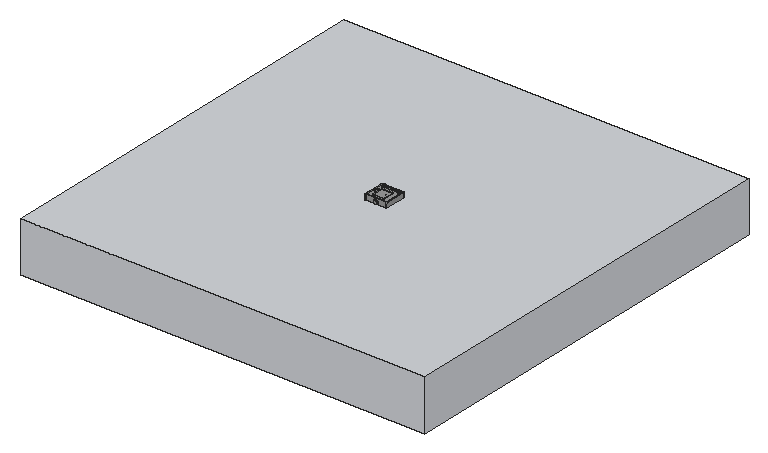
Revit family "Hekatron_Rauchwarnmelder_FH.Genius _DE_22.01", category Brandmelder, Revit 2018
Family settings
  Basisbauteil = Fläche
  Beschriftungsausrichtung beibehalten = Ja
  Bemaßung runder Anschluss = Durchmesser verwenden
  Teiletyp = Normal
  OmniClass-Nummer = 23.85.30.21
  OmniClass-Titel = Environmental Detection/Registration
  Beim Laden mit Abzugskörper schneiden = Nein
  Gemeinsam genutzt = Nein
  Raumberechnungspunkt = Nein
Parameters (values of type "FH.Genius")
  Zulässige Umgebungstemperatur = "0 °C bis + 55 °C"
  Zulässige Luftgeschwindigkeit = ""
  Zulassungen nach EN 54 = ""
  Width [instance] = 130 mm
  Version des BIM Objektes = "22.01"
  VdS-Anerkennung = ""
  URL = "https://www.hekatron-brandschutz.de"
  UB A&S Artikel Nummer = "31-5000013-01-03"
  Typenkommentare = "Funkhandtaster für Funksystem Genius"
  Tiefe (mm) = "32.0"
  Stromaufnahme = ""
  Schutzart = "IP 41"
  Rauchteil einstellbar = ""
  Nettogewicht (g) = "201.0"
  Montageart = "Aufputz"
  Model = "FH.Genius "
  Material = "PC-ABS"
  Link zum Datenblatt = "https://www.hekatron-planungstools.de/Doku/Montageanleitung%20Funkhandtaster%20Genius_6642536.pdf"
  Link zu ausschreiben.de = "https://www.ausschreiben.de/katalog/Hekatron/position/220"
  Link zu Produktinformation = ""
  Link zu Ausschreibungstext = "https://www.meinhplus.de/login"
  Leistungserklärung (DoP) = ""
  Lautstärke DIN-Ton (dB) = "50.0"
  Kabeleinführung = "oben, unten"
  Höhe (mm) = "130.0"
  Hersteller = "Hekatron"
  Heigth [instance] = 130 mm
  Funktionsprinzip = "Funk"
  Farbe = "blau, ähnlich RAL 5005"
  Ex-Zonen = ""
  Einstellung Temperaturklasse nach EN 54-5 = ""
  Einstellung Temperaturindex nach EN 54-5 = ""
  Einstellung Rauchempfindlichkeit nach EN 54-20 = ""
  Einstellen Rauchempfindlichkeit nach EN 54-7 = ""
  EG-Konformitätszertifikat / Zertifikat der Leistungsbeständigkeit = ""
  Durchmesser (mm) = ""
  Depth [instance] = 31 mm
  Vorgabe-Ansicht = 1200 mm
  Breite (mm) = "130.0"
  Betriebsspannung = "10 bis 30 V DC"
  Beschreibung = "Hausalarm und Funkinterface in einem Gerät. Ergänzung eines Genius Funknetzwerks zur flächendeckenden Alarmierung im Ereignisfall. Bestehende Genius-Funksysteme können erweitert werden."
  Bauartgenehmigungen = ""
  Anzahl Ansaugleitungen = ""
  Ansprechtemperatur = ""
  Alarm- & Empfindlichkeitsbereich = ""
Types (2, lengths in mm): name | URL | Typenkommentare | Beschreibung
  (no name) | "www.hekatron-brandschutz.de" | 0 | 0
  FH.Genius | "https://www.hekatron-brandschutz.de" | "Funkhandtaster für Funksystem Genius" | "Hausalarm und Funkinterface in einem Gerät. Ergänzung eines Genius Funknetzwerks zur flächendeckenden Alarmierung im Ereignisfall. Bestehende Genius-Funksysteme können erweitert werden."
Values of the unnamed type that differ from the named types
  Zulässige Umgebungstemperatur = ""
  Version des BIM Objektes = ""
  UB A&S Artikel Nummer = ""
  Tiefe (mm) = ""
  Schutzart = ""
  Nettogewicht (g) = ""
  Montageart = ""
  Model = "FH.Genius"
  Material = ""
  Link zum Datenblatt = ""
  Link zu ausschreiben.de = ""
  Link zu Ausschreibungstext = ""
  Lautstärke DIN-Ton (dB) = ""
  Kabeleinführung = ""
  Höhe (mm) = ""
  Funktionsprinzip = ""
  Farbe = ""
  Breite (mm) = ""
  Betriebsspannung = ""
Reference planes
  plane 1 "Center (Front/Back)": y = 0
  plane 2: z = 0
  plane 3 "Center (Left/Right)": x = 0
Forms (mm)
  Extrusion 1, solid
    sketch origin (0, 0, 0) x (1, 0, 0) y (0, 1, 0)
      loop
        line (-1219.2, 1219.2) -> (-1219.2, -1219.2) -> (1219.2, -1219.2) -> (1219.2, 1219.2) -> (-1219.2, 1219.2)
    from 0 to -304.8
  Extrusion 2, solid, material "PC/ABS Plastic, RAL 5005"
    sketch origin (0, 0, 0) x (1, 0, 0) y (0, 1, 0)
      loop
        line (62, 65) -> (-62, 65)
        arc (-62, 65) -> (-64.121, 64.121) -> (-65, 62) r 3
        line (-65, 62) -> (-65, -62)
        arc (-65, -62) -> (-64.121, -64.121) -> (-62, -65) r 3
        line (-62, -65) -> (62, -65)
        arc (62, -65) -> (64.121, -64.121) -> (65, -62) r 3
        line (65, -62) -> (65, 62)
        arc (65, 62) -> (64.121, 64.121) -> (62, 65) r 3
      loop
        line (58.5, 62) -> (-58.5, 62)
        arc (-58.5, 62) -> (-60.975, 60.975) -> (-62, 58.5) r 3.5
        line (-62, 58.5) -> (-62, -58.5)
        arc (-62, -58.5) -> (-60.975, -60.975) -> (-58.5, -62) r 3.5
        line (-58.5, -62) -> (58.5, -62)
        arc (58.5, -62) -> (60.975, -60.975) -> (62, -58.5) r 3.5
        line (62, -58.5) -> (62, 58.5)
        arc (62, 58.5) -> (60.975, 60.975) -> (58.5, 62) r 3.5
    from 0 to 31
  Extrusion 3, solid, material "PC/ABS Plastic, RAL 5005"
    sketch origin (0, 0, 0) x (1, 0, 0) y (0, 1, 0)
      loop
        line (65, -61.8) -> (65, 61.8) -> (-58.5, 61.8)
        arc (-58.5, 61.8) -> (-60.833, 60.833) -> (-61.8, 58.5) r 3.3
        line (-61.8, 58.5) -> (-61.8, -58.5)
        arc (-61.8, -58.5) -> (-60.833, -60.833) -> (-58.5, -61.8) r 3.3
        line (-58.5, -61.8) -> (65, -61.8)
      loop
        line (33, 24.012) -> (-33, 24.012)
        arc (-33, 24.012) -> (-34.414, 23.426) -> (-35, 22.012) r 2
        line (-35, 22.012) -> (-35, -44.988)
        arc (-35, -44.988) -> (-34.414, -46.403) -> (-33, -46.988) r 2
        line (-33, -46.988) -> (33, -46.988)
        arc (33, -46.988) -> (34.414, -46.403) -> (35, -44.988) r 2
        line (35, -44.988) -> (35, 22.012)
        arc (35, 22.012) -> (34.414, 23.426) -> (33, 24.012) r 2
    from 27 to 31
  Extrusion 4, solid, material "PVC"
    sketch origin (0, 0, 0) x (1, 0, 0) y (0, 1, 0)
      loop
        line (-62, 58.5) -> (-62, -58.5)
        arc (-62, -58.5) -> (-60.975, -60.975) -> (-58.5, -62) r 3.5
        line (-58.5, -62) -> (58.5, -62)
        arc (58.5, -62) -> (60.975, -60.975) -> (62, -58.5) r 3.5
        line (62, -58.5) -> (62, 58.5)
        arc (62, 58.5) -> (60.975, 60.975) -> (58.5, 62) r 3.5
        line (58.5, 62) -> (-58.5, 62)
        arc (-58.5, 62) -> (-60.975, 60.975) -> (-62, 58.5) r 3.5
      loop
        circle (0, -10.366) r 7.542
    from 12 to 25
  Extrusion 5, solid, material "Stainless Steel, Polished"
    sketch origin (0, 0, 0) x (1, 0, 0) y (0, 1, 0)
      loop
        circle (-48.262, 0) r 9.502
    from 31.5 to 33
  Extrusion 6, solid, material "Polycarbonate, Clear"
    sketch origin (0, 0, 0) x (1, 0, 0) y (0, 1, 0)
      loop
        line (-35, 22.012) -> (-35, -44.988)
        arc (-35, -44.988) -> (-34.414, -46.403) -> (-33, -46.988) r 2
        line (-33, -46.988) -> (33, -46.988)
        arc (33, -46.988) -> (34.414, -46.403) -> (35, -44.988) r 2
        line (35, -44.988) -> (35, 22.012)
        arc (35, 22.012) -> (34.414, 23.426) -> (33, 24.012) r 2
        line (33, 24.012) -> (-33, 24.012)
        arc (-33, 24.012) -> (-34.414, 23.426) -> (-35, 22.012) r 2
    from 29 to 30
  Extrusion 7, void
    sketch origin (0, 0, 0) x (1, 0, 0) y (0, 1, 0)
      loop
        line (58.5, 62) -> (58.5, -62) -> (65, -62) -> (65, 62) -> (58.5, 62)
    from 27 to 32.288
  Sweep 8, void
    path in 3D
      loop
        line (65, -61.8, 31) -> (65, 61.8, 31)
    profile origin (65, 0, 31) x (-1, 0, 0) y (0, 0, 1)
      loop
        line (0, 0) -> (0, -2)
        arc (0, -2) -> (0.586, -0.586) -> (2, 0) r 2
        line (2, 0) -> (0, 0)
  Sweep 9, void
    path in 3D
      loop
        line (65, -61.8, 27) -> (65, 61.8, 27)
    profile origin (65, 0, 27) x (1, 0, 0) y (0, 0, -1)
      loop
        line (0, 0) -> (-2, 0)
        arc (-2, 0) -> (-0.586, -0.586) -> (0, -2) r 2
        line (0, -2) -> (0, 0)
  Extrusion 10, void
    sketch origin (0, 3.594, 0) x (1, 0, 0) y (0, 1, 0)
      loop
        line (0, 53.108) -> (-48, 53.108)
        arc (-48, 53.108) -> (-50.121, 52.23) -> (-51, 50.108) r 3
        line (-51, 50.108) -> (-51, 40.608)
        arc (-51, 40.608) -> (-50.121, 38.487) -> (-48, 37.608) r 3
        line (-48, 37.608) -> (0, 37.608) -> (48, 37.608)
        arc (48, 37.608) -> (50.121, 38.487) -> (51, 40.608) r 3
        line (51, 40.608) -> (51, 50.108)
        arc (51, 50.108) -> (50.121, 52.23) -> (48, 53.108) r 3
        line (48, 53.108) -> (0, 53.108)
    from 30.5 to 35.903
  Extrusion 11, solid, material "PVC"
    sketch origin (0, 3.594, 0) x (1, 0, 0) y (0, 1, 0)
      loop
        line (48, 53.108) -> (-48, 53.108)
        arc (-48, 53.108) -> (-50.121, 52.23) -> (-51, 50.108) r 3
        line (-51, 50.108) -> (-51, 40.608)
        arc (-51, 40.608) -> (-50.121, 38.487) -> (-48, 37.608) r 3
        line (-48, 37.608) -> (48, 37.608)
        arc (48, 37.608) -> (50.121, 38.487) -> (51, 40.608) r 3
        line (51, 40.608) -> (51, 50.108)
        arc (51, 50.108) -> (50.121, 52.23) -> (48, 53.108) r 3
    from 30.5 to 30.8
  Extrusion 12, solid, material "PC/ABS Plastic, RAL 5005"
    sketch origin (0, 0, 0) x (1, 0, 0) y (0, 1, 0)
      loop
        circle (-48.262, 0) r 10.002
    from 31 to 31.5
  Extrusion 13, void
    sketch origin (0, 0, 0) x (1, 0, 0) y (0, 1, 0)
      loop
        circle (-48.262, 7.254) r 2
    from 32.5 to 35.807
  Extrusion 14, solid, material "ABS Plastic, RAL 3001"
    sketch origin (0, 1.709, 0) x (1, 0, 0) y (0, 1, 0)
      loop
        circle (0, -12.075) r 7.542
    from 15 to 25
  Extrusion 15, solid, material "ABS Plastic"
    sketch origin (0, 1.709, 0) x (1, 0, 0) y (0, 1, 0)
      loop
        circle (0, -12.075) r 6.542
    from 12 to 15
  Extrusion 16, solid, material "PC/ABS Plastic, RAL 5005"
    sketch origin (0, 0, 0) x (1, 0, 0) y (0, 0, 1)
      loop
        circle (0, 12.5) r 12
    from -67 to -65
  Extrusion 17, solid, material "PC/ABS Plastic, RAL 5005"
    sketch origin (0, 0, 0) x (1, 0, 0) y (0, 0, 1)
      loop
        circle (0, 12.5) r 10
    from -69 to -67
  Extrusion 18, solid, material "PC/ABS Plastic, RAL 5005"
    sketch origin (0, 0, 0) x (1, 0, 0) y (0, 0, -1)
      loop
        circle (0, -12.5) r 12
    from -67 to -65
  Extrusion 19, solid, material "PC/ABS Plastic, RAL 5005"
    sketch origin (0, 0, 0) x (1, 0, 0) y (0, 0, -1)
      loop
        circle (0, -12.5) r 10
    from -69 to -67
  Extrusion 20, solid, material "ABS Plastic, RAL 3001"
    sketch origin (0, 0, 0) x (1, 0, 0) y (0, 1, 0)
      loop
        arc (16, -10.366) -> (14.782, -4.243) -> (11.314, 0.948) r 16
        line (11.314, 0.948) -> (7.778, -2.588)
        arc (7.778, -2.588) -> (10.163, -6.156) -> (11, -10.366) r 11
        arc (11, -10.366) -> (10.163, -14.575) -> (7.778, -18.144) r 11
        line (7.778, -18.144) -> (11.314, -21.679)
        arc (11.314, -21.679) -> (14.782, -16.489) -> (16, -10.366) r 16
      loop
        arc (-16, -10.366) -> (-14.782, -16.489) -> (-11.314, -21.679) r 16
        line (-11.314, -21.679) -> (-7.778, -18.144)
        arc (-7.778, -18.144) -> (-10.163, -14.575) -> (-11, -10.366) r 11
        arc (-11, -10.366) -> (-10.163, -6.156) -> (-7.778, -2.588) r 11
        line (-7.778, -2.588) -> (-11.314, 0.948)
        arc (-11.314, 0.948) -> (-14.782, -4.243) -> (-16, -10.366) r 16
    from 25 to 25.5
Cuts and joins
  Extrusion 7 cuts Extrusion 2
  joined: Extrusion 2, Extrusion 16, Extrusion 17, Extrusion 18, Extrusion 19
  Sweep 8, Sweep 9, Extrusion 10 cuts Extrusion 3
  joined: Extrusion 3, Extrusion 12
  Extrusion 13 cuts Extrusion 5
Lines and regions (mm)
  sketch lines
    curve 1: line (65, -61.8, 31) -> (65, 61.8, 31)
    curve 2: line (65, -61.8, 27) -> (65, 61.8, 27)
Dimensions and locks
  "Width": cut or joined group of Extrusion 2, Extrusion 7, Extrusion 16, Extrusion 17, Extrusion 18, Extrusion 19 to cut or joined group of Extrusion 2, Extrusion 7, Extrusion 16, Extrusion 17, Extrusion 18, Extrusion 19
  "Heigth": cut or joined group of Extrusion 2, Extrusion 7, Extrusion 16, Extrusion 17, Extrusion 18, Extrusion 19 to cut or joined group of Extrusion 2, Extrusion 7, Extrusion 16, Extrusion 17, Extrusion 18, Extrusion 19
  "Depth": cut or joined group of Extrusion 2, Extrusion 7, Extrusion 16, Extrusion 17, Extrusion 18, Extrusion 19 to Extrusion 1
  aligned and locked: plane 2 to Extrusion 1
  aligned and locked: level to Extrusion 1
Automatic sketch dimensions
  Extrusion 1 sketch curve to Extrusion 1 sketch curve = 2438.4 mm  (x2)
  Extrusion 2 sketch curve to plane 3 "Center (Left/Right)" = 65 mm
  Extrusion 2 sketch curve to Extrusion 2 sketch curve = 3 mm  (x3)
  Extrusion 2 sketch curve to Extrusion 2 sketch curve = 0 mm  (x3)
  Extrusion 2 sketch curve to Extrusion 2 sketch curve = 3.5 mm  (x5)
  plane 3 "Center (Left/Right)" to Extrusion 2 sketch curve = 58.5 mm  (x2)
  plane 1 "Center (Front/Back)" to Extrusion 2 sketch curve = 65 mm
  Extrusion 2 sketch curve to plane 1 "Center (Front/Back)" = 58.5 mm
  Extrusion 3 sketch curve to plane 3 "Center (Left/Right)" = 61.8 mm
  Extrusion 3 sketch curve to Extrusion 3 sketch curve = 3.3 mm  (x2)
  Extrusion 3 sketch curve to plane 3 "Center (Left/Right)" = 35 mm
  Extrusion 3 sketch curve to Extrusion 3 sketch curve = 2 mm  (x3)
  plane 3 "Center (Left/Right)" to Extrusion 3 sketch curve = 33 mm  (x2)
  Extrusion 3 sketch curve to Extrusion 3 sketch curve = 32 mm
  plane 1 "Center (Front/Back)" to Extrusion 3 sketch curve = 61.8 mm
  Extrusion 3 sketch curve to Extrusion 3 sketch curve = 11.512 mm
  Extrusion 3 sketch curve to plane 1 "Center (Front/Back)" = 22.012 mm
  Extrusion 3 sketch curve to Extrusion 3 sketch curve = 34.488 mm
  Extrusion 4 sketch curve to plane 3 "Center (Left/Right)" = 62 mm
  Extrusion 4 sketch curve to Extrusion 4 sketch curve = 3.5 mm  (x3)
  plane 3 "Center (Left/Right)" to Extrusion 4 sketch curve = 58.5 mm  (x2)
  plane 1 "Center (Front/Back)" to Extrusion 4 sketch curve = 62 mm
  Extrusion 4 sketch curve to plane 1 "Center (Front/Back)" = 58.5 mm
  plane 1 "Center (Front/Back)" to Extrusion 5 sketch curve = 0 mm
  Extrusion 5 sketch curve to plane 3 "Center (Left/Right)" = 48.262 mm
  Extrusion 6 sketch curve to plane 3 "Center (Left/Right)" = 35 mm
  Extrusion 6 sketch curve to Extrusion 6 sketch curve = 2 mm  (x3)
  plane 3 "Center (Left/Right)" to Extrusion 6 sketch curve = 33 mm  (x2)
  plane 1 "Center (Front/Back)" to Extrusion 6 sketch curve = 46.988 mm
  Extrusion 6 sketch curve to plane 1 "Center (Front/Back)" = 22.012 mm
  plane 3 "Center (Left/Right)" to Extrusion 7 sketch curve = 58.5 mm
  Extrusion 7 sketch curve to Extrusion 7 sketch curve = 6.5 mm
  plane 1 "Center (Front/Back)" to Extrusion 7 sketch curve = 62 mm
  Extrusion 7 sketch curve to plane 1 "Center (Front/Back)" = 62 mm
  Sweep 8 sketch curve to profile plane = 0 mm  (x2)
  Sweep 8 sketch curve to profile plane = 2 mm
  Sweep 9 sketch curve to profile plane = 0 mm
  profile plane to Sweep 9 sketch curve = 0 mm
  profile plane to Sweep 9 sketch curve = 2 mm
  Extrusion 10 sketch curve to plane 3 "Center (Left/Right)" = 0 mm  (x2)
  Extrusion 10 sketch curve to plane 3 "Center (Left/Right)" = 48 mm
  Extrusion 10 sketch curve to Extrusion 10 sketch curve = 0 mm  (x2)
  Extrusion 10 sketch curve to Extrusion 10 sketch curve = 3 mm  (x2)
  plane 3 "Center (Left/Right)" to Extrusion 10 sketch curve = 48 mm
  Extrusion 10 sketch curve to plane 1 "Center (Front/Back)" = 41.202 mm
  Extrusion 10 sketch curve to Extrusion 10 sketch curve = 9.5 mm
  Extrusion 12 sketch curve to Extrusion 12 sketch curve = 0 mm  (x2)
  plane 1 "Center (Front/Back)" to Extrusion 12 sketch curve = 0 mm
  Extrusion 12 sketch curve to plane 3 "Center (Left/Right)" = 48.262 mm
  Extrusion 12 sketch curve to Extrusion 12 sketch curve = 10.002 mm
  Extrusion 13 sketch curve to plane 1 "Center (Front/Back)" = 7.254 mm
  Extrusion 13 sketch curve to plane 3 "Center (Left/Right)" = 48.262 mm
  Extrusion 14 sketch curve to plane 3 "Center (Left/Right)" = 0 mm
  plane 1 "Center (Front/Back)" to Extrusion 14 sketch curve = 10.366 mm
  Extrusion 15 sketch curve to Extrusion 15 sketch curve = 0 mm  (x2)
  Extrusion 15 sketch curve to plane 3 "Center (Left/Right)" = 0 mm
  plane 1 "Center (Front/Back)" to Extrusion 15 sketch curve = 10.366 mm
  Extrusion 15 sketch curve to Extrusion 15 sketch curve = 6.542 mm
  Extrusion 16 sketch curve to plane 3 "Center (Left/Right)" = 0 mm
  level to Extrusion 16 sketch curve = 12.5 mm
  Extrusion 17 sketch curve to plane 3 "Center (Left/Right)" = 0 mm
  level to Extrusion 17 sketch curve = 12.5 mm
  Extrusion 18 sketch curve to plane 3 "Center (Left/Right)" = 0 mm
  level to Extrusion 18 sketch curve = 12.5 mm
  Extrusion 19 sketch curve to plane 3 "Center (Left/Right)" = 0 mm
  level to Extrusion 19 sketch curve = 12.5 mm
  plane 3 "Center (Left/Right)" to Extrusion 11 sketch curve = 48 mm
  Extrusion 11 sketch curve to Extrusion 11 sketch curve = 96 mm
  Extrusion 11 sketch curve to Extrusion 11 sketch curve = 3 mm  (x4)
  Extrusion 11 sketch curve to Extrusion 11 sketch curve = 9.5 mm
  Extrusion 11 sketch curve to plane 1 "Center (Front/Back)" = 44.202 mm
  Extrusion 20 sketch curve to Extrusion 20 sketch curve = 0 mm  (x10)
  Extrusion 20 sketch curve to plane 3 "Center (Left/Right)" = 0 mm
  Extrusion 20 sketch curve to plane 1 "Center (Front/Back)" = 0.948 mm  (x2)
  Extrusion 20 sketch curve to Extrusion 20 sketch curve = 11.314 mm  (x2)
  plane 1 "Center (Front/Back)" to Extrusion 20 sketch curve = 2.588 mm
  Extrusion 20 sketch curve to plane 3 "Center (Left/Right)" = 7.778 mm
  Extrusion 20 sketch curve to Extrusion 20 sketch curve = 7.778 mm  (x3)
  plane 3 "Center (Left/Right)" to Extrusion 20 sketch curve = 7.778 mm
  Extrusion 20 sketch curve to Extrusion 20 sketch curve = 3.536 mm  (x2)
  plane 3 "Center (Left/Right)" to Extrusion 20 sketch curve = 11.314 mm
  Extrusion 4 sketch curve to Extrusion 4 sketch curve = 0 mm  (x2)
  Extrusion 4 sketch curve to plane 3 "Center (Left/Right)" = 0 mm
  plane 1 "Center (Front/Back)" to Extrusion 4 sketch curve = 10.366 mm
  Extrusion 4 sketch curve to Extrusion 4 sketch curve = 7.542 mm
  radius of Extrusion 5 sketch curve = 9.502 mm
  radius of Extrusion 13 sketch curve = 2 mm
  radius of Extrusion 14 sketch curve = 7.542 mm
  radius of Extrusion 16 sketch curve = 12 mm
  radius of Extrusion 17 sketch curve = 10 mm
  radius of Extrusion 18 sketch curve = 12 mm
  radius of Extrusion 19 sketch curve = 10 mm
Connectors
  electrical at (0, 0, 0)
    settings: on cut or joined group of Extrusion 2, Extrusion 7, Extrusion 16, Extrusion 17, Extrusion 18, Extrusion 19, index 1, voltage 0 V, apparent load 0 VA, apparent load phase1 0 VA, apparent load phase2 0 VA, apparent load phase3 0 VA, power factor 1, load classification "Other", number of poles 1, system type 11, power factor state 1, is connector primary yes, connector utility no, sub classification motor no, connector description ""
